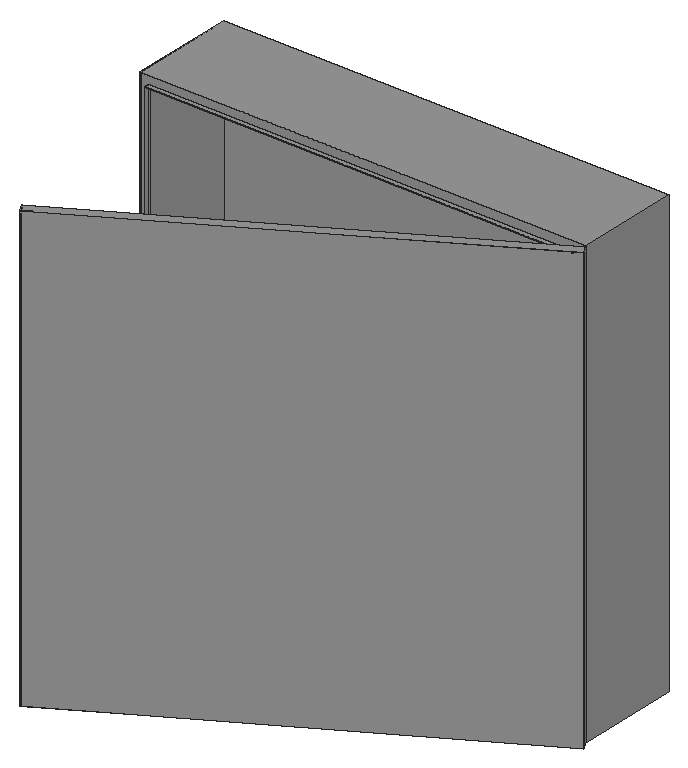
Revit family "Hager-Univers-IP44-D205-H800-Cl.I-Encl-NoHosted-CH-it", category Electrical Equipment, Revit 2020
Family settings
  Panel Configuration = Two Columns, Circuits Across
  Round Connector Dimension = Use Diameter
  Part Type = Panelboard
  Work Plane-Based = Yes
  Always vertical = Yes
  Cut with Voids When Loaded = No
  Shared = No
  Room Calculation Point = No
Parameters (values of type "A parete IP44 L800 A800 P205  - FP53TN2")
  Width Control [instance] = if([EF000008 - Larghezza] > Min Width, [EF000008 - Larghezza], Min Width)  # 800 mm
  Type Comments = [HG000003 - Gamma]  # "Univers"
  Thickness Door [instance] = if([EF009171 - spessore materiale porta/coperchio] > 3 mm, 3 mm, [EF009171 - spessore materiale porta/coperchio])  # 1 mm
  Seal Frame Offset [instance] = 17 mm  # constant formula
  Plinth Visibility [instance] = [HG000027 - Altezza dello zoccolo] > 0 mm  # no
  Min Width [instance] = 100 mm  # constant formula
  Min Depth [instance] = (2 * [EF009170 - spessore materiale scatola]) + 1 mm  # 3 mm
  Min Height [instance] = 100 mm  # constant formula
  Internal Frame Depth [instance] = (Door System Depth * 0.5)  # 9 mm
  Panel Name [instance] = ""  # (empty or 0)
  Model = ""
  HG000027 - Altezza dello zoccolo = 0 mm
  HG000026 - A pavimento = no
  HG000024 - Altezza della sezione inferiore = 600 mm
  HG000023 - Custodia a doppia sezione = no
  HG000016 - Visibilità delle porte nella vista 3D [instance] = yes
  HG000015 - Visibilità attraverso la porta [instance] = no
  HG000014 - Porta destra [instance] = yes
  HG000013 - Porta sinistra [instance] = not([HG000014 - Porta destra])  # no
  HG000012 - Angolo di apertura della porta [instance] = 30.00°
  HG000010 - Porte asimmetriche = no
  HG000009 - Porta doppia a battente = no
  HG000006 - Ad incasso = no
  HG000004 - Codice produttore = "FP53TN2"
  HG000003 - Gamma = "Univers"
  HG000002 - Con porta = yes
  Frame Offset Bottom [instance] = 10 mm  # constant formula
  Frame Offset [instance] = 15 mm  # constant formula
  EF015940 - Coprire con rilascio di sovrapressione = no
  EF011959 - tipo di protezione (NEMA) = ""
  EF009554 - numero delle aperture per la piastra della flangia = 6
  EF009212 - esecuzione coperchio = "EV000116 - chiuso"
  EF009171 - spessore materiale porta/coperchio = 1 mm
  EF009170 - spessore materiale scatola = 1 mm
  EF008873 - corrente nominale (In) = 250 A
  EF007800 - adatto per parafulmine = no
  EF006306 - con serratura = no
  EF006244 - coperchio/porta trasparente = no
  EF005474 - grado di protezione (IP) = "EV006418 - IP44"
  EF004464 - tipo di porta = "EV002646 - singolo"
  EF004427 - numero di moduli = 180
  EF004293 - resistenza agli urti = "EV006815 - IK09"
  EF003532 - adatto per uso esterno = no
  EF002950 - Numero moduli DIN = 36
  EF001613 - Integrità del circuito = "EV000494 - senza"
  EF001596 - Attacco Lampada = "EV000179 - acciaio"
  EF001131 - profondità interna = 205 mm
  EF001088 - possibilità di applicazione = yes
  EF000437 - numero di ingressi per conduttori = 6
  EF000339 - tipo di copertura = "EV001012 - coperchio"
  EF000266 - numero di file = 5
  EF000218 - profondità di incasso = 205 mm
  EF000118 - con piastra di montaggio = no
  EF000116 - numero RAL = "9010"
  EF000049 - profondità = 205 mm
  EF000040 - Altezza = 800 mm
  EF000008 - Larghezza = 800 mm
  EF000007 - colore = "EV000202 - bianco"
  EF000003 - Tipo di montaggio = "EV000384 - A parete"
  Door System Leaf Tolerance [instance] = 1.5 mm  # constant formula
  Door System Depth [instance] = 18 mm  # constant formula
  Door Height [instance] = Height Control - [HG000027 - Altezza dello zoccolo]  # 800 mm
  Description = ""
  Default Elevation = 1219.2 mm
  Connector Offset [instance] = Height Control / 2  # 400 mm
  Manufacturer = "Hager"  # constant formula
  Height Control [instance] = if([EF000040 - Altezza] > Min Height, [EF000040 - Altezza], Min Height)  # 800 mm
  Depth Control [instance] = if([EF000049 - profondità] > Min Depth, [EF000049 - profondità], Min Depth)  # 205 mm
  Bottom Top Plate Trim [instance] = 1.5 mm  # constant formula
  Plinth height Ctrl [instance] = if([HG000027 - Altezza dello zoccolo] > 0 mm, [HG000027 - Altezza dello zoccolo], 12 mm)  # 12 mm
Types (10, lengths in mm): name | Width Control | HG000010 - Porte asimmetriche | HG000009 - Porta doppia a battente | HG000004 - Codice produttore | EF009554 - numero delle aperture per la piastra della flangia | EF004464 - tipo di porta | EF004427 - numero di moduli | EF002950 - Numero moduli DIN | EF000437 - numero di ingressi per conduttori | EF000218 - profondità di incasso | EF000008 - Larghezza
  A parete IP44 L1050 A800 P205  - FP54QT | 1050 | no | no | "FP54QT" | 8 | "EV003602 - doppio" | 240 | 48 | 8 | 0 | 1050
  A parete IP44 L1050 A800 P205  - FP54TN2 | 1050 | no | yes | "FP54TN2" | 8 | "EV003602 - doppio" | 240 | 48 | 8 | 205 | 1050
  A parete IP44 L1300 A800 P205  - FP55QT | 1300 | no | no | "FP55QT" | 10 | "EV003602 - doppio" | 300 | 60 | 10 | 0 | 1300
  A parete IP44 L1300 A800 P205  - FP55TN2 | 1300 | yes | yes | "FP55TN2" | 10 | "EV003602 - doppio" | 300 | 60 | 10 | 205 | 1300
  A parete IP44 L300 A800 P205  - FP51QT | 300 | no | no | "FP51QT" | 2 | "EV002646 - singolo" | 60 | 12 | 2 | 0 | 300
  A parete IP44 L300 A800 P205  - FP51TN2 | 300 | no | no | "FP51TN2" | 2 | "EV002646 - singolo" | 60 | 12 | 2 | 205 | 300
  A parete IP44 L550 A800 P205  - FP52QT | 550 | no | no | "FP52QT" | 4 | "EV002646 - singolo" | 120 | 24 | 4 | 0 | 550
  A parete IP44 L550 A800 P205  - FP52TN2 | 550 | no | no | "FP52TN2" | 4 | "EV002646 - singolo" | 120 | 24 | 4 | 205 | 550
  A parete IP44 L800 A800 P205  - FP53QT | 800 | no | no | "FP53QT" | 6 | "EV002646 - singolo" | 180 | 36 | 6 | 0 | 800
  A parete IP44 L800 A800 P205  - FP53TN2 | 800 | no | no | "FP53TN2" | 6 | "EV002646 - singolo" | 180 | 36 | 6 | 205 | 800
Reference planes
  plane 1 "Center (Front/Back)": y = 0
  plane 2: z = 0
  plane 3 "Center (Left/Right)": x = 0
  plane 4: y = 0
  plane 5: y = 0
  plane 6: z = 0
  plane 7: x = -400
  plane 8: x = 400
  plane 9: x = 399
  plane 10: x = -399
  plane 11: z = 0
  plane 12: z = 1
  plane 13: y = -205
  plane 14: y = -1
  plane 15: x = 0
  plane 16: y = -187
  plane 17: y = -204
  plane 18: y = -186
  plane 19: x = -384
  plane 20: x = 384
  plane 21: z = 11
  plane 22: x = -383
  plane 23: x = 383
  plane 24: z = 0
  plane 25: z = 800
  plane 26: z = 800
  plane 27: z = 784
  plane 28: z = 799
Forms (mm)
  Extrusion 1, solid, material "Hager_Steel_RAL7035_Light_Grey", detail levels medium+fine
    sketch origin (-208.679, -4572, 0) x (-1, 0, 0) y (0, -1, 0)
      loop
        line (191.321, -4385) -> (-608.679, -4385) -> (-608.679, -4572) -> (191.321, -4572) -> (191.321, -4385)
    from 0 to 800
  Extrusion 2, void
    sketch origin (-350.771, -205, 1219.2) x (1, 0, 0) y (0, 0, 1)
      loop
        line (-48.229, -420.2) -> (-48.229, -1218.2) -> (749.771, -1218.2) -> (749.771, -420.2) -> (-48.229, -420.2)
    from -19 to -204
  Extrusion 3, void
    sketch origin (-290.084, -187, 1219.2) x (1, 0, 0) y (0, 0, 1)
      loop
        line (-93.916, -1208.2) -> (674.084, -1208.2) -> (674.084, -435.2) -> (-93.916, -435.2) -> (-93.916, -1208.2)
    from 0 to -1
  Extrusion 4, solid, material "Hager_Steel_RAL7035_Light_Grey", visible <- "Plinth Visibility", detail levels medium+fine
    sketch origin (0, 0, 0) x (1, 0, 0) y (0, 1, 0)
      loop
        line (-400, 0) -> (-400, -187) -> (400, -187) -> (400, 0) -> (-400, 0)
    from 0 to 12 <- "Plinth height Ctrl"
  Extrusion 5, solid, material "Hager_Steel_RAL7035_Light_Grey", detail levels coarse
    sketch origin (0, 0, 0) x (1, 0, 0) y (0, 1, 0)
      loop
        line (-400, 0) -> (-400, -205) -> (400, -205) -> (400, 0) -> (-400, 0)
    from 0 to 800 <- "Height Control"
  Sweep 6, void
    path in 3D
      loop
        line (-400, -187, 12) -> (400, -187, 12) -> (400, 0, 12) -> (-400, 0, 12) -> (-400, -187, 12)
    profile origin (-400, -93.5, 12) x (1, 0, 0) y (0, 0, 1)
      loop
        line (0, 0) -> (0, -1.5) -> (1.5, -1.5)
        arc (1.5, -1.5) -> (1.061, -0.439) -> (0, 0) r 1.5
  Extrusion 7, solid, material "Hager_Steel_RAL7035_Light_Grey", detail levels fine
    sketch origin (-400, -187, 0) x (1, 0, 0) y (0, 0, 1)
      loop
        line (16, 11) -> (784, 11) -> (784, 784) -> (16, 784) -> (16, 11)
      loop
        line (15, 10) -> (785, 10) -> (785, 785) -> (15, 785) -> (15, 10)
    from 0 to 9 <- "Internal Frame Depth"
Cuts and joins
  Extrusion 2, Extrusion 3 cuts Extrusion 1
  Sweep 6 cuts Extrusion 4
Lines and regions (mm)
  Masking region 1
    outline origin (0, 0, 0) x (1, 0, 0) y (0, 1, 0)
      loop
        line (-400, 0) -> (-400, -205) -> (400, -205) -> (400, 0) -> (-400, 0)
  Masking region 2, detail levels coarse
    outline origin (-290.084, -187, 1219.2) x (-1, 0, 0) y (0, 0, 1)
      loop
        line (-690.084, -1219.2) -> (109.916, -1219.2) -> (109.916, -419.2) -> (-690.084, -419.2) -> (-690.084, -1219.2)
  Masking region 3, detail levels coarse
    outline origin (0, 0, 0) x (0, 1, 0) y (0, 0, 1)
      loop
        line (0, 0) -> (0, 800) -> (-205, 800) -> (-205, 0) -> (0, 0)
  Masking region 4, visible <- "Plinth Visibility", detail levels medium+fine
    outline origin (0, 0, 0) x (0, 1, 0) y (0, 0, 1)
      loop
        line (-1.5, 12) -> (-185.5, 12)
        arc (-185.5, 12) -> (-185.939, 10.939) -> (-187, 10.5) r 1.5
        line (-187, 10.5) -> (-187, 0) -> (0, 0) -> (0, 10.5)
        arc (0, 10.5) -> (-1.061, 10.939) -> (-1.5, 12) r 1.5
  Masking region 5, detail levels medium+fine
    outline origin (0, 0, 594.038) x (0, 1, 0) y (0, 0, 1)
      loop
        line (0, -594.038) -> (0, 205.962) -> (-187, 205.962) -> (-187, -594.038) -> (0, -594.038)
  Masking region 6, detail levels medium+fine
    outline origin (-359.7, -187, 1211.883) x (-1, 0, 0) y (0, 0, 1)
      loop
        line (-759.7, -1211.883) -> (40.3, -1211.883) -> (40.3, -411.883) -> (-759.7, -411.883) -> (-759.7, -1211.883)
  Masking region 7, visible <- "Plinth Visibility", detail levels medium+fine
    outline origin (-320.334, -187, 1041.368) x (-1, 0, 0) y (0, 0, 1)
      loop
        line (-720.334, -1041.368) -> (79.666, -1041.368) -> (79.666, -1030.868)
        arc (79.666, -1030.868) -> (78.606, -1030.429) -> (78.166, -1029.368) r 1.5
        line (78.166, -1029.368) -> (-718.834, -1029.368)
        arc (-718.834, -1029.368) -> (-719.273, -1030.429) -> (-720.334, -1030.868) r 1.5
        line (-720.334, -1030.868) -> (-720.334, -1041.368)
  sketch lines
    curve 1: line (-400, 0, 12) -> (-400, -187, 12)
    curve 2: line (-400, -187, 12) -> (400, -187, 12)
    curve 3: line (400, 0, 12) -> (-400, 0, 12)
    curve 4: line (400, -187, 12) -> (400, 0, 12)
Dimensions and locks
  locked: plane 1 "Center (Front/Back)" to plane 5
  "EF009170 - spessore materiale scatola": plane 7 to plane 10
  "EF009170 - spessore materiale scatola": plane 8 to plane 9
  equal spacing: plane 7, plane 3 "Center (Left/Right)", plane 8
  "Width Control": plane 7 to plane 8
  "Depth Control": plane 4 to plane 13
  "EF009170 - spessore materiale scatola": plane 4 to plane 14
  "Height Control": plane 25 to level
  "HG000027 - Altezza dello zoccolo": plane 11 to level
  "EF009170 - spessore materiale scatola": plane 12 to plane 11
  "EF009170 - spessore materiale scatola": plane 17 to plane 13
  "EF009170 - spessore materiale scatola": plane 18 to plane 16
  "Frame Offset Bottom": plane 21 to plane 12
  "Frame Offset": plane 10 to plane 19
  "Frame Offset": plane 9 to plane 20
  "Door System Depth": plane 16 to plane 13
  "Seal Frame Offset": plane 7 to plane 22
  "Seal Frame Offset": plane 8 to plane 23
  "EF009170 - spessore materiale scatola": plane 26 to plane 28
  "Frame Offset": plane 28 to plane 27
  "Connector Offset": plane 2 to connector elem
  "Bottom Top Plate Trim": profile plane to Sweep 6 sketch curve
  "Bottom Top Plate Trim": Sweep 6 sketch curve to Sweep 6 sketch curve
  "Plinth height Ctrl": Masking region 4 sketch curve to level
  "Plinth height Ctrl": Masking region 7 sketch curve to level
  "Thickness Door": Extrusion 7 sketch curve to Extrusion 7 sketch curve  (x4)
  "Bottom Top Plate Trim": radius of Sweep 6 sketch curve
  "Bottom Top Plate Trim": radius of Masking region 4 sketch curve  (x2)
  "Bottom Top Plate Trim": radius of Masking region 7 sketch curve  (x2)
  aligned and locked: Extrusion 2 sketch curve to plane 12
  aligned and locked: Extrusion 2 sketch curve to plane 9
  aligned and locked: Extrusion 2 sketch curve to plane 10
  aligned and locked: Extrusion 2 to plane 14
  aligned and locked: Extrusion 1 sketch curve to plane 4
  aligned and locked: plane 8 to Extrusion 1 sketch curve
  aligned and locked: plane 7 to Extrusion 1 sketch curve
  aligned and locked: Extrusion 2 to plane 18
  aligned and locked: Extrusion 3 sketch curve to plane 19
  aligned and locked: plane 20 to Extrusion 3 sketch curve
  aligned and locked: Extrusion 3 to Extrusion 2
  aligned and locked: Extrusion 3 sketch curve to plane 21
  aligned and locked: plane 3 "Center (Left/Right)" to nested 1
  aligned and locked: Extrusion 1 sketch curve to plane 16
  aligned and locked: Extrusion 4 sketch curve to cut or joined group of Extrusion 1, Extrusion 2, Extrusion 3
  aligned and locked: Masking region 1 sketch curve to plane 7
  aligned and locked: Masking region 1 sketch curve to plane 5
  aligned and locked: Masking region 1 sketch curve to plane 8
  aligned and locked: Masking region 2 sketch curve to level
  aligned and locked: level to Masking region 3 sketch curve
  aligned and locked: plane 1 "Center (Front/Back)" to Masking region 3 sketch curve
  aligned and locked: plane 13 to Masking region 3 sketch curve
  aligned and locked: plane 5 to Masking region 4 sketch curve
  aligned and locked: Masking region 2 sketch curve to plane 8
  aligned and locked: Masking region 2 sketch curve to plane 7
  aligned and locked: plane 7 to nested 2
  aligned and locked: nested 2 to plane 5
  aligned and locked: plane 5 to Masking region 5 sketch curve
  aligned and locked: plane 26 to Masking region 5 sketch curve
  aligned and locked: Extrusion 5 sketch curve to plane 8
  aligned and locked: Extrusion 5 sketch curve to plane 7
  aligned and locked: Extrusion 5 sketch curve to plane 5
  aligned and locked: Extrusion 3 sketch curve to plane 27
  aligned and locked: Extrusion 2 sketch curve to plane 28
  aligned and locked: Masking region 2 to plane 25
  aligned and locked: Extrusion 4 to plane 16
  aligned and locked: profile plane to Sweep 6 sketch curve
  aligned and locked: Masking region 5 sketch curve to plane 24
  aligned and locked: level to Masking region 4 sketch curve
  aligned and locked: Masking region 1 to plane 13
  aligned and locked: nested 1 to plane 16
  aligned and locked: Masking region 3 to plane 25
  aligned and locked: plane 16 to Masking region 4 sketch curve
  aligned and locked: Masking region 5 sketch curve to plane 16
  aligned and locked: plane 24 to plane 11
  aligned and locked: plane 26 to plane 25
  aligned and locked: plane 26 to cut or joined group of Extrusion 1, Extrusion 2, Extrusion 3
  aligned and locked: nested 1 to plane 24
  aligned and locked: Extrusion 1 to Extrusion 3
  aligned and locked: Masking region 6 sketch curve to plane 8
  aligned and locked: Masking region 6 sketch curve to plane 24
  aligned and locked: Masking region 6 sketch curve to plane 7
  aligned and locked: Masking region 6 sketch curve to plane 26
  aligned and locked: Masking region 7 sketch curve to plane 7
  aligned and locked: level to Masking region 7 sketch curve
  aligned and locked: Masking region 7 sketch curve to plane 8
  aligned and locked: Extrusion 7 sketch curve to cut or joined group of Extrusion 1, Extrusion 2, Extrusion 3  (x4)
Automatic sketch dimensions
  plane 19 to Extrusion 3 sketch curve = 0 mm
  Extrusion 3 sketch curve to plane 20 = 0 mm
  Extrusion 3 sketch curve to plane 21 = 0 mm
  Extrusion 4 sketch curve to plane 7 = 0 mm
  Extrusion 4 sketch curve to plane 8 = 0 mm
  Extrusion 4 sketch curve to plane 16 = 0 mm
  Masking region 1 sketch curve to plane 13 = 0 mm
  Masking region 2 sketch curve to plane 25 = 0 mm
  Masking region 3 sketch curve to plane 25 = 0 mm
  Extrusion 5 sketch curve to plane 13 = 0 mm
  profile plane to Sweep 6 sketch curve = 0 mm
Nested families
  nested 1: "EC000058_Univers_Door" at (0, -187, 0), Double <- "HG000009 - Porta doppia a battente", Transparent <- "EF006244 - coperchio/porta trasparente", Angle <- "HG000012 - Angolo di apertura della porta", Door_Right <- "HG000014 - Porta destra", Assymetrical <- "HG000010 - Porte asimmetriche", Door <- "HG000002 - Con porta", Width_Ctrl <- "Width Control", 3d_Door <- "HG000016 - Visibilità delle porte nella vista 3D", Clearance <- "HG000015 - Visibilità attraverso la porta", Door_Left <- "HG000013 - Porta sinistra", Width <- "Width Control", Door_Depth <- "Door System Depth", Leaf_Tolerance <- "Door System Leaf Tolerance", Height <- "Door Height", Lock_Visibility <- "EF006306 - con serratura", Thickness <- "Thickness Door", type "EC000058_Univers_Door", detail levels medium+fine
    with min_wh 3 mm, Width_Ctrl 800 mm, Width 800 mm, Transparent no, Thickness 1 mm, Seal_Material Hager_Rubber, Lock_Visibility no, Lock_Material Hager_Plastic_RAL9005_Jet_Black, Leaf_Width 800 mm, Leaf_Tolerance_External_Sides 0 mm, Leaf_Tolerance 1.5 mm, Leaf_Offset 0 mm, Leaf_Height 797 mm, Leaf_2_Width 800 mm, Leaf_2_Offset 400 mm, Leaf_1_Width 800 mm, Leaf_1_Offset 400 mm, Height_Ctrl 800 mm, Height 800 mm, Glass_Material Hager_Glass, Double_Clearance_Ctrl no, Double no, Door_Right_Ctrl yes, Door_Right yes, Door_Material Hager_Steel_RAL7035_Light_Grey, Door_Left_Ctrl no, Door_Left no, Door_Depth 18 mm, Door yes, Clearance_Material Hager_Clearance, Clearance_Depth 800 mm, Clearance_Ctrl no, Clearance no, Assymetrical no, Angle 30.00°, 3d_Door yes
  nested 2: "Hager_Enclosure_Symbol" at (-400, 0, 0), Height <- "Depth Control", Width <- "Width Control", type "Hager_Enclosure_Symbol"
    with Width_Ctrl 800 mm, Width 800 mm, Height_Ctrl 205 mm, Height 205 mm, A_Width_Int 13.453 mm, A_Width 161.438 mm, A_Height_Ctrl 179.375 mm, A_Height 179.375 mm
Connectors
  electrical at (0, 0, 400)
    settings: on plane 1 "Center (Front/Back)", index 1, voltage 0 V, apparent load 0 VA, apparent load phase1 0 VA, apparent load phase2 0 VA, apparent load phase3 0 VA, power factor 1, load classification "Other", number of poles 1, system type 30, power factor state 1, is connector primary yes, connector utility no, sub classification motor no, connector description ""
Definition of nested family "EC000058_Univers_Door"
  Parameters (values of type "EC000058_Univers_Door")
    min_wh [instance] = (2 * Thickness) + 1 mm  # 11 mm
    Width_Ctrl [instance] = 400 mm
    Width [instance] = 500 mm
    Transparent [instance] = yes
    Thickness [instance] = 5 mm
    Seal_Material [instance] = none
    Lock_Visibility [instance] = yes
    Lock_Material [instance] = none
    Leaf_Width [instance] = if((Width_Ctrl - 2 * Leaf_Tolerance_External_Sides) > 0 mm, (Width_Ctrl - 2 * Leaf_Tolerance_External_Sides), min_wh)  # 400 mm
    Leaf_Tolerance_External_Sides [instance] = 0 mm  # constant formula
    Leaf_Tolerance [instance] = 1.5 mm
    Leaf_Offset [instance] = 0 mm  # constant formula
    Leaf_Height [instance] = if((Height_Ctrl - 2 * Leaf_Tolerance) > 0 mm, (Height_Ctrl - 2 * Leaf_Tolerance), min_wh)  # 497 mm
    Leaf_2_Width [instance] = if(and(and(Double, Assymetrical), Door_Left), (Leaf_Width / 3) - (Leaf_Tolerance / 2), if(and(and(Double, Assymetrical), Door_Right), (Leaf_Width / 3) * 2 - (Leaf_Tolerance / 2), if(and(Double, not(Assymetrical)), (Leaf_Width / 2) - Leaf_Tolerance, Leaf_Width)))  # 400 mm
    Leaf_2_Offset [instance] = if(and(Double, Assymetrical), Leaf_2_Width / 2, if(and(Double, not(Assymetrical)), Leaf_Width / 4, Leaf_Width / 2))  # 200 mm
    Leaf_1_Width [instance] = if(and(and(Double, Assymetrical), Door_Right), (Leaf_Width / 3) - (Leaf_Tolerance / 2), if(and(and(Double, Assymetrical), Door_Left), (Width / 3) * 2 - (Leaf_Tolerance / 2), if(and(Double, not(Assymetrical)), (Leaf_Width / 2) - Leaf_Tolerance, Leaf_Width)))  # 400 mm
    Leaf_1_Offset [instance] = if(and(Double, Assymetrical), Leaf_1_Width / 2, if(and(Double, not(Assymetrical)), Leaf_Width / 4, Leaf_Width / 2))  # 200 mm
    Height_Ctrl [instance] = if(Height > min_wh, Height, min_wh)  # 500 mm
    Height [instance] = 500 mm
    Glass_Material [instance] = none
    Double_Clearance_Ctrl [instance] = and(Double, Clearance)  # no
    Double [instance] = no
    Door_Right_Ctrl [instance] = and(or(Door_Right, Double), Door)  # yes
    Door_Right [instance] = yes
    Door_Material [instance] = none
    Door_Left_Ctrl [instance] = and(or(Door_Left, Double), Door)  # no
    Door_Left [instance] = no
    Door_Depth [instance] = 30 mm
    Door [instance] = yes
    Default Elevation = 1219.2 mm
    Clearance_Material [instance] = none
    Clearance_Depth [instance] = if(Leaf_1_Width > Leaf_2_Width, Leaf_1_Width, Leaf_2_Width)  # 400 mm
    Clearance_Ctrl [instance] = and(not(Double), Clearance)  # yes
    Clearance [instance] = yes
    Assymetrical [instance] = yes
    Angle [instance] = 30.00°
    3d_Door [instance] = yes
  Reference planes
    plane 1 "Center (Front/Back)": y = 0
    plane 2 "Bottom": z = 0
    plane 3 "Center (Left/Right)": x = 0
    plane 4: z = 500
    plane 5: x = -200
    plane 6: x = 200
    plane 7: z = 500
    plane 8: x = -200
    plane 9: z = 0
    plane 10: x = 200
    plane 11: y = 0
    plane 12: z = 1.5
    plane 13: x = -600
    plane 14: y = -400
    plane 15: x = 600
    plane 16: x = 0
    plane 17: x = 0
    plane 18: x = -200
    plane 19: x = 200
    plane 20: z = 498.5
  Forms (mm)
    Extrusion 1, solid, material <- "Clearance_Material", visible <- "Double_Clearance_Ctrl"
      sketch origin (1200, 0, 0) x (1, 0, 0) y (0, 0, -1)
        loop
          line (-1800, -498.5) -> (-600, -498.5) -> (-600, 0) -> (-1800, 0) -> (-1800, -498.5)
      from 0 to -400
  Dimensions and locks
    equal spacing: plane 5, plane 3 "Center (Left/Right)", plane 6
    "Width_Ctrl": plane 5 to plane 6
    "Leaf_Offset": plane 5 to plane 8
    "Leaf_Offset": plane 6 to plane 10
    "Leaf_Offset": plane 9 to level
    "Leaf_Offset": plane 4 to plane 7
    "Height_Ctrl": plane 4 to level
    "Leaf_Tolerance": plane 12 to plane 9
    locked: plane 11 to plane 1 "Center (Front/Back)"
    "Leaf_1_Offset": plane 18 to plane 16
    "Leaf_2_Offset": plane 17 to plane 19
    "Leaf_1_Width": plane 13 to plane 8
    "Leaf_2_Width": plane 10 to plane 15
    "Clearance_Depth": plane 14 to plane 1 "Center (Front/Back)"
    "Leaf_Tolerance_External_Sides": plane 8 to plane 18
    "Leaf_Tolerance_External_Sides": plane 19 to plane 10
    "Leaf_Tolerance": plane 7 to plane 20
    aligned and locked: level to plane 2 "Bottom"
    aligned and locked: nested 1 to plane 16
    aligned and locked: nested 2 to plane 17
    aligned and locked: Extrusion 1 to plane 13
    aligned and locked: plane 15 to Extrusion 1
    aligned and locked: Extrusion 1 to plane 14
    aligned and locked: plane 12 to nested 1
    aligned and locked: nested 2 to plane 12
    aligned and locked: Extrusion 1 to plane 11
    aligned and locked: plane 20 to Extrusion 1
    aligned and locked: nested 2 to plane 11
    aligned and locked: nested 1 to plane 11
  Automatic sketch dimensions
    Extrusion 1 sketch curve to level = 0 mm
    plane 5 to Extrusion 1 sketch curve = 400 mm
    plane 6 to Extrusion 1 sketch curve = 400 mm
    Extrusion 1 sketch curve to plane 4 = 1.5 mm
  Nested families
    nested 1: "EC000058_Univers_Door_Leaf" at (0, 0, 1.5), Width <- "Leaf_1_Width", visible <- "Door_Left_Ctrl", Leaf_Height <- "Leaf_Height", Angle <- "Angle", 3d_Door <- "3d_Door", Transparent <- "Transparent", Clearance Material <- "Clearance_Material", Clearance <- "Clearance_Ctrl", Door_Material <- "Door_Material", Glass_Material <- "Glass_Material", Door_Depth <- "Door_Depth", Lock_Material <- "Lock_Material", Seal_Material <- "Seal_Material", Lock_Visibility <- "Lock_Visibility", Thickness <- "Thickness", type "EC000058_Univers_Door_Leaf"
      with Width 400 mm, Transparent_Glass_Offset 30 mm, Transparent_Ctrl yes, Transparent yes, Thickness 5 mm, Standard no, Seal_Material none, Seal_D2 8 mm, Seal_D1 1 mm, Offset_Internal_Frame 10 mm, Lock_Width 20 mm, Lock_Visibility_3d yes, Lock_Visibility yes, Lock_Thickness_3 3 mm, Lock_Thickness_2 1 mm, Lock_Thickness_1 3 mm, Lock_Radius_Offset_2 16 mm, Lock_Radius_Offset_1 15 mm, Lock_Radius_2 5 mm, Lock_Radius 6 mm, Lock_Offset 5 mm, Lock_Material none, Lock_Height 80 mm, Lock_Cover_Top_Offset_2d 17 mm, Lock_Cover_Height -65 mm, Leaf_Height 497 mm, Internal_Seal_Thickness 8 mm, Internal_Seal_Depth_2 4.5 mm, Internal_Frame_Depth 25 mm, Glass_Thickness -1 mm, Glass_Offset -2 mm, Glass_Material none, Door_Material none, Door_Depth 30 mm, Clearance Material none, Clearance yes, Angle_Ctrl 30.00°, Angle 30.00°, 3d_Door yes
    nested 2: "EC000058_Univers_Door_Leaf" at (0, 0, 1.5) x (-1, 0, 0) z (0, 0, 1), Width <- "Leaf_2_Width", visible <- "Door_Right_Ctrl", Leaf_Height <- "Leaf_Height", Angle <- "Angle", 3d_Door <- "3d_Door", Transparent <- "Transparent", Clearance Material <- "Clearance_Material", Clearance <- "Clearance_Ctrl", Door_Material <- "Door_Material", Glass_Material <- "Glass_Material", Door_Depth <- "Door_Depth", Lock_Material <- "Lock_Material", Seal_Material <- "Seal_Material", Lock_Visibility <- "Lock_Visibility", Thickness <- "Thickness", type "EC000058_Univers_Door_Leaf"
      with Width 400 mm, Transparent_Glass_Offset 30 mm, Transparent_Ctrl yes, Transparent yes, Thickness 5 mm, Standard no, Seal_Material none, Seal_D2 8 mm, Seal_D1 1 mm, Offset_Internal_Frame 10 mm, Lock_Width 20 mm, Lock_Visibility_3d yes, Lock_Visibility yes, Lock_Thickness_3 3 mm, Lock_Thickness_2 1 mm, Lock_Thickness_1 3 mm, Lock_Radius_Offset_2 16 mm, Lock_Radius_Offset_1 15 mm, Lock_Radius_2 5 mm, Lock_Radius 6 mm, Lock_Offset 5 mm, Lock_Material none, Lock_Height 80 mm, Lock_Cover_Top_Offset_2d 17 mm, Lock_Cover_Height -65 mm, Leaf_Height 497 mm, Internal_Seal_Thickness 8 mm, Internal_Seal_Depth_2 4.5 mm, Internal_Frame_Depth 25 mm, Glass_Thickness -1 mm, Glass_Offset -2 mm, Glass_Material none, Door_Material none, Door_Depth 30 mm, Clearance Material none, Clearance yes, Angle_Ctrl 30.00°, Angle 30.00°, 3d_Door yes
  Definition of nested family "EC000058_Univers_Door_Leaf"
    Parameters (values of type "EC000058_Univers_Door_Leaf")
      Width [instance] = 2000 mm
      Transparent_Glass_Offset [instance] = 30 mm
      Transparent_Ctrl [instance] = and(Transparent, [3d_Door])  # yes
      Transparent [instance] = yes
      Thickness [instance] = 5 mm
      Standard [instance] = and(not(Transparent), [3d_Door])  # no
      Seal_Material [instance] = none
      Seal_D2 [instance] = 8 mm  # constant formula
      Seal_D1 [instance] = 1 mm  # constant formula
      Offset_Internal_Frame [instance] = 10 mm  # constant formula
      Lock_Width [instance] = 20 mm  # constant formula
      Lock_Visibility_3d [instance] = and(Lock_Visibility, [3d_Door])  # yes
      Lock_Visibility [instance] = yes
      Lock_Thickness_3 [instance] = 3 mm  # constant formula
      Lock_Thickness_2 [instance] = 1 mm  # constant formula
      Lock_Thickness_1 [instance] = 3 mm  # constant formula
      Lock_Radius_Offset_2 [instance] = Lock_Radius_Offset_1 + 1 mm  # 16 mm
      Lock_Radius_Offset_1 [instance] = 15 mm  # constant formula
      Lock_Radius_2 [instance] = Lock_Radius - 1 mm  # 5 mm
      Lock_Radius [instance] = 6 mm  # constant formula
      Lock_Offset [instance] = 5 mm  # constant formula
      Lock_Material [instance] = none
      Lock_Height [instance] = 80 mm  # constant formula
      Lock_Cover_Top_Offset_2d [instance] = Lock_Radius_Offset_2 + 1 mm  # 17 mm
      Lock_Cover_Height [instance] = -(Lock_Height - Lock_Radius_Offset_1)  # -65 mm
      Leaf_Height [instance] = 2720.336 mm
      Internal_Seal_Thickness [instance] = 8 mm  # constant formula
      Internal_Seal_Depth_2 [instance] = 4.5 mm  # constant formula
      Internal_Frame_Depth [instance] = if(Door_Depth - Thickness > 5 mm, Door_Depth - Thickness, 5 mm)  # 25 mm
      Glass_Thickness [instance] = if(Thickness > 15 mm, Glass_Offset + 10 mm, -1 mm)  # -1 mm
      Glass_Offset [instance] = if(Thickness > 15 mm, -(Thickness + 10 mm) / 2, -2 mm)  # -2 mm
      Glass_Material [instance] = none
      Door_Material [instance] = none
      Door_Depth [instance] = 30 mm
      Default Elevation = 0 mm
      Clearance Material [instance] = none
      Clearance [instance] = yes
      Angle_Ctrl [instance] = if(Angle > 180.00°, 180.00°, Angle)  # 90.00°
      Angle [instance] = 90.00°
      3d_Door [instance] = yes
    Reference planes
      plane 1 "Center (Front/Back)": y = 0
      plane 2: z = 0
      plane 3 "Center (Left/Right)": x = 0
      plane 4: y = 2000
      plane 5: x = -1000
      plane 6: x = 1000
      plane 7: x = -3000
      plane 8: z = 2720.336
      plane 9: z = 30
      plane 10: z = 2690.336
      plane 11: x = 970
      plane 12: x = -970
      plane 13: y = -3
      plane 14: z = 107.833
      plane 15: y = -5
      plane 16: y = -223.314
      plane 17: x = -1000
      plane 18: z = 1360.168
      plane 19: y = 30
    Forms (mm)
      Extrusion 1, solid, material <- "Clearance Material", visible <- "Clearance"
        sketch origin (0, 0, 0) x (1, 0, 0) y (0, 0, 1)
          loop
            line (-3000, 2720.336) -> (-3000, 0) -> (1000, 0) -> (1000, 2720.336) -> (-3000, 2720.336)
        from 0 to -2000
      Extrusion 2, solid, material <- "Door_Material", visible <- "Standard", detail levels medium+fine
        sketch origin (-1000, 0, 0) x (0, 1, 0) y (-1, 0, 0)
          loop
            line (0, 30) -> (0, 25) -> (2000, 25) -> (2000, 30) -> (0, 30)
        from 0 to 2720.336 <- "Leaf_Height"
      Extrusion 3, solid, material <- "Door_Material", visible <- "Transparent_Ctrl", detail levels medium+fine
        sketch origin (-1000, 0, 0) x (0, 1, 0) y (-1, 0, 0)
          loop
            line (0, 25) -> (2000, 25) -> (2000, 30) -> (0, 30) -> (0, 25)
        from 0 to 2720.336 <- "Leaf_Height"
      Extrusion 4, void
        sketch origin (-1025, 2000, 0) x (0, 1, 0) y (0, 0, -1)
          loop
            line (-30, -2690.336) -> (-30, -30) -> (-1970, -30) -> (-1970, -2690.336) -> (-30, -2690.336)
        from 0 to 5 <- "Thickness"
      Sweep 5, solid, material <- "Seal_Material", visible <- "Transparent_Ctrl", detail levels fine
        path in 3D
          loop
            line (-1025, 30, 30) -> (-1025, 30, 2690.336) -> (-1025, 1970, 2690.336) -> (-1025, 1970, 30) -> (-1025, 30, 30)
        profile origin (-1025, 1000, 30) x (1, 0, 0) y (0, 0, 1)
          loop
            line (0, 0) -> (0, -8) -> (1, -8) -> (1, 0) -> (0, 0)
      Extrusion 6, solid, material <- "Glass_Material", visible <- "Transparent_Ctrl", detail levels medium+fine
        sketch origin (-1030, 0, 0) x (0, 1, 0) y (0, 0, -1)
          loop
            line (1970, -2690.336) -> (1970, -30) -> (30, -30) -> (30, -2690.336) -> (1970, -2690.336)
        from -2 <- "Glass_Offset" to -1 <- "Glass_Thickness"
      Extrusion 7, solid, material <- "Door_Material", visible <- "3d_Door", detail levels medium+fine
        sketch origin (-1025, 2000, 0) x (0, -1, 0) y (0, 0, -1)
          loop
            line (0, -2720.336) -> (2000, -2720.336) -> (2000, 0) -> (0, 0) -> (0, -2720.336)
          loop
            line (1995, -5) -> (5, -5) -> (5, -2715.336) -> (1995, -2715.336) -> (1995, -5)
        from 0 to 25 <- "Internal_Frame_Depth"
      Sweep 8, solid, material <- "Seal_Material", visible <- "Transparent_Ctrl", detail levels fine
        path in 3D
          loop
            line (-1025, 0, 0) -> (-1025, 2000, 0) -> (-1025, 2000, 2720.336) -> (-1025, 0, 2720.336) -> (-1025, 0, 0)
        profile origin (-1025, 0, 1360.168) x (1, 0, 0) y (0, 1, 0)
          loop
            line (0, 10) -> (2.975, 10)
            arc (2.975, 10) -> (4.053, 10.447) -> (4.5, 11.525) r 1.525
            line (4.5, 11.525) -> (4.5, 16.527)
            arc (4.5, 16.527) -> (4.069, 17.569) -> (3.027, 18) r 1.473
            line (3.027, 18) -> (0, 18) -> (0, 10)
      Extrusion 9, solid, material <- "Lock_Material", visible <- "Lock_Visibility_3d", detail levels fine
        sketch origin (-1030, 0, 0) x (0, 1, 0) y (0, 0, -1)
          loop
            arc (1993.5, -1400.168) -> (1994.561, -1399.729) -> (1995, -1398.668) r 1.5
            line (1995, -1398.668) -> (1995, -1320.168) -> (1975, -1320.168) -> (1975, -1398.668)
            arc (1975, -1398.668) -> (1975.439, -1399.729) -> (1976.5, -1400.168) r 1.5
            line (1976.5, -1400.168) -> (1993.5, -1400.168)
        from 3 <- "Lock_Thickness_1" to 0
      Blend 10, solid, material <- "Lock_Material", visible <- "Lock_Visibility_3d", detail levels fine
        base sketch origin (-1033, 0, 0) x (0, 1, 0) y (0, 0, -1)
          loop
            line (1975, -1320.168) -> (1975, -1398.668)
            arc (1975, -1398.668) -> (1975.439, -1399.729) -> (1976.5, -1400.168) r 1.5
            line (1976.5, -1400.168) -> (1993.5, -1400.168)
            arc (1993.5, -1400.168) -> (1994.561, -1399.729) -> (1995, -1398.668) r 1.5
            line (1995, -1398.668) -> (1995, -1320.168) -> (1975, -1320.168)
        top sketch origin (-1033, 0, 0) x (0, 1, 0) y (0, 0, -1)
          loop
            line (1976, -1320.168) -> (1976, -1398.668)
            arc (1976, -1398.668) -> (1976.146, -1399.022) -> (1976.5, -1399.168) r 0.5
            line (1976.5, -1399.168) -> (1993.5, -1399.168)
            arc (1993.5, -1399.168) -> (1993.854, -1399.022) -> (1994, -1398.668) r 0.5
            line (1994, -1398.668) -> (1994, -1320.168) -> (1976, -1320.168)
        from 0 to 1 <- "Lock_Thickness_2"
      Blend 11, solid, material <- "Lock_Material", visible <- "Lock_Visibility_3d", detail levels fine
        base sketch origin (-1034, 0, 0) x (0, 1, 0) y (0, 0, -1)
          loop
            line (1978, -1320.168) -> (1978, -1384.168)
            arc (1978, -1384.168) -> (1985, -1391.168) -> (1992, -1384.168) r 7
            line (1992, -1384.168) -> (1992, -1320.168) -> (1978, -1320.168)
        top sketch origin (-1034, 0, 0) x (0, 1, 0) y (0, 0, -1)
          loop
            line (1991, -1320.168) -> (1979, -1320.168) -> (1979, -1383.168)
            arc (1979, -1383.168) -> (1985, -1389.168) -> (1991, -1383.168) r 6
            line (1991, -1383.168) -> (1991, -1320.168)
        from 0 to 3 <- "Lock_Thickness_3"
      Extrusion 12, solid, material <- "Lock_Material", visible <- "Lock_Visibility_3d", detail levels fine
        sketch origin (-1030, 1975, 1320.168) x (1, 0, 0) y (0, -1, 0)
          loop
            line (-7, -19) -> (-7, -1) -> (0, -1) -> (0, 0) -> (-8, 0) -> (-8, -20) -> (0, -20) -> (0, -19) -> (-7, -19)
        from 0 to -65 <- "Lock_Cover_Height"
      Extrusion 13, void
        sketch origin (-1038, 1995, 1320.168) x (-1, 0, 0) y (0, 0, -1)
          loop
            line (-5, -65) -> (0, -65) -> (-5, -60) -> (-5, -65)
        from 0 to 20 <- "Lock_Width"
      Extrusion 14, void
        sketch origin (-1038, 1975, 1320.168) x (0, -1, 0) y (0, 0, -1)
          loop
            circle (-10, -15.995) r 6
          loop
            circle (-10, -15.995) r 5
        from 0 to 2
      Extrusion 15, solid, material <- "Lock_Material", visible <- "Lock_Visibility_3d", detail levels medium
        sketch origin (-1030, 0, 0) x (0, 1, 0) y (0, 0, -1)
          loop
            arc (1993.5, -1400.168) -> (1994.561, -1399.729) -> (1995, -1398.668) r 1.5
            line (1995, -1398.668) -> (1995, -1320.168) -> (1975, -1320.168) -> (1975, -1398.668)
            arc (1975, -1398.668) -> (1975.439, -1399.729) -> (1976.5, -1400.168) r 1.5
            line (1976.5, -1400.168) -> (1993.5, -1400.168)
        from 8 to 0
    Cuts and joins
      Extrusion 4 cuts Extrusion 3
      Extrusion 13, Extrusion 14 cuts Extrusion 9
      Extrusion 14 cuts Blend 11
      Extrusion 13, Extrusion 14 cuts Extrusion 12
      joined: Extrusion 9, Blend 10, Blend 11, Extrusion 12
      Extrusion 14 cuts Extrusion 15
    Lines and regions (mm)
      Masking region 1, visible <- "Lock_Visibility", detail levels fine
        outline origin (0, 0, 0) x (0, 1, 0) y (0, 0, 1)
          loop
            line (30, 1320.168) -> (33, 1320.168) -> (33, 1400.168) -> (30, 1400.168) -> (30, 1320.168)
      Masking region 2, visible <- "Lock_Visibility", detail levels fine
        outline origin (0, 3.143, 0) x (0, 1, 0) y (0, 0, 1)
          loop
            line (29.857, 1354.168) -> (30.857, 1354.168) -> (30.857, 1366.168) -> (29.857, 1366.168) -> (29.857, 1354.168)
      Masking region 3, detail levels medium+fine
        outline origin (0, 0, 0) x (0, 1, 0) y (0, 0, 1)
          loop
            line (0, 0) -> (30, 0) -> (30, 2720.336) -> (0, 2720.336) -> (0, 0)
      Masking region 4, detail levels medium+fine
        outline origin (0, 0, 0) x (1, 0, 0) y (0, 0, 1)
          loop
            line (-1000, 2720.336) -> (-1000, 0) -> (1000, 0) -> (1000, 2720.336) -> (-1000, 2720.336)
      Masking region 5, visible <- "Lock_Visibility", detail levels fine
        outline origin (-47.116, 0, 0) x (1, 0, 0) y (0, 0, 1)
          loop
            arc (1024.616, 1399.168) -> (1023.556, 1398.729) -> (1023.116, 1397.668) r 1.5
            line (1023.116, 1397.668) -> (1023.116, 1320.168) -> (1041.116, 1320.168) -> (1041.116, 1397.668)
            arc (1041.116, 1397.668) -> (1040.677, 1398.729) -> (1039.616, 1399.168) r 1.5
            line (1039.616, 1399.168) -> (1024.616, 1399.168)
      Masking region 6, visible <- "Lock_Visibility", detail levels medium+fine
        outline origin (-25, 0, 0) x (1, 0, 0) y (0, 0, 1)
          loop
            arc (1001.5, 1400.168) -> (1000.439, 1399.729) -> (1000, 1398.668) r 1.5
            line (1000, 1398.668) -> (1000, 1320.168) -> (1020, 1320.168) -> (1020, 1398.668)
            arc (1020, 1398.668) -> (1019.561, 1399.729) -> (1018.5, 1400.168) r 1.5
            line (1018.5, 1400.168) -> (1001.5, 1400.168)
      Masking region 7, visible <- "Lock_Visibility", detail levels fine
        outline origin (-73.735, 0, 0) x (1, 0, 0) y (0, 0, 1)
          loop
            line (1051.735, 1382.168) -> (1065.735, 1382.168) -> (1065.735, 1384.168)
            arc (1065.735, 1384.168) -> (1058.735, 1391.168) -> (1051.735, 1384.168) r 7
            line (1051.735, 1384.168) -> (1051.735, 1382.168)
      Masking region 8, visible <- "Lock_Visibility", detail levels fine
        outline origin (-73.735, 0, 0) x (1, 0, 0) y (0, 0, 1)
          loop
            line (1052.735, 1382.168) -> (1064.735, 1382.168) -> (1064.735, 1383.168)
            arc (1064.735, 1383.168) -> (1058.735, 1389.168) -> (1052.735, 1383.168) r 6
            line (1052.735, 1383.168) -> (1052.735, 1382.168)
      Masking region 9, visible <- "Lock_Visibility", detail levels fine
        outline origin (-25, 0, 0) x (1, 0, 0) y (0, 0, 1)
          loop
            line (1020, 1320.168) -> (1020, 1382.168) -> (1000, 1382.168) -> (1000, 1320.168) -> (1020, 1320.168)
      Masking region 10, detail levels medium+fine
        outline origin (0, 0, 0) x (1, 0, 0) y (0, 0, 1)
          loop
            circle (985, 1335.144) r 6
      Masking region 11, detail levels fine
        outline origin (0, 0, 0) x (1, 0, 0) y (0, 0, 1)
          loop
            circle (985, 1335.144) r 5
      Masking region 12, visible <- "Lock_Visibility", detail levels fine
        outline origin (0, 12.767, 0) x (0, 1, 0) y (0, 0, 1)
          loop
            line (20.233, 1320.168) -> (21.233, 1320.168) -> (21.233, 1399.168) -> (20.233, 1400.168) -> (20.233, 1320.168)
      Masking region 13, visible <- "Lock_Visibility", detail levels fine
        outline origin (0, 13.767, -10) x (0, 1, 0) y (0, 0, 1)
          loop
            line (20.233, 1330.168) -> (23.233, 1330.168) -> (23.233, 1399.168) -> (20.233, 1402.168) -> (20.233, 1330.168)
      Masking region 14, visible <- "Lock_Visibility", detail levels fine
        outline origin (0, 12.767, -10) x (0, 1, 0) y (0, 0, 1)
          loop
            line (20.233, 1330.168) -> (25.233, 1330.168) -> (25.233, 1399.305) -> (20.233, 1394.305) -> (20.233, 1330.168)
      Masking region 15, visible <- "Lock_Visibility", detail levels medium
        outline origin (0, 0, 0) x (0, 1, 0) y (0, 0, 1)
          loop
            line (30, 1320.168) -> (38, 1320.168) -> (38, 1400.168) -> (30, 1400.168) -> (30, 1320.168)
      Masking region 16, visible <- "Lock_Visibility", detail levels fine
        outline origin (-1000, 0, 0) x (0, 1, 0) y (-1, 0, 0)
          loop
            line (1975, 30) -> (1995, 30) -> (1995, 38) -> (1975, 38) -> (1975, 30)
          loop
            line (1979, 37) -> (1976, 37) -> (1976, 34) -> (1978, 34) -> (1979, 37)
          loop
            line (1994, 37) -> (1991, 37) -> (1992, 34) -> (1994, 34) -> (1994, 37)
      Masking region 17, visible <- "Lock_Visibility", detail levels medium
        outline origin (-1000, 0, 0) x (0, 1, 0) y (-1, 0, 0)
          loop
            line (1975, 30) -> (1995, 30) -> (1995, 38) -> (1975, 38) -> (1975, 30)
      symbolic lines
        curve 1: line (1000, 0, 0) -> (-3000, 0, 0)
        curve 2: arc (1000, 0, 0) -> (-1000, 2000, 0) -> (-3000, 0, 0) r 2000
        curve 4: line (-1030, 0, 0) -> (-1030, 2000, 0)
      reference lines
        curve 3: line (-1000, 0, 0) -> (-1000, 2000, 0)
      symbolic lines, detail levels medium+fine
        curve 5: line (-1030, 2000, 0) -> (-1025, 2000, 0)
        curve 7: line (-1025, 0, 0) -> (-1030, 0, 0)
        curve 8: line (-1025, 0, 0) -> (-1000, 0, 0)
        curve 9: line (-1000, 0, 0) -> (-1000, 2000, 0)
        curve 10: line (-1000, 2000, 0) -> (-1025, 2000, 0)
      symbolic lines, detail levels fine
        curve 6: line (-1025, 2000, 0) -> (-1025, 0, 0)
      sketch lines
        curve 11: line (-1025, 0, 2720.336) -> (-1025, 0, 0)
        curve 12: line (-1025, 2000, 0) -> (-1025, 0, 0)
        curve 13: line (-1025, 2000, 2720.336) -> (-1025, 2000, 0)
        curve 14: line (-1025, 0, 2720.336) -> (-1025, 2000, 2720.336)
        curve 15: line (-1025, 1970, 30) -> (-1025, 30, 30)
        curve 16: line (-1025, 30, 30) -> (-1025, 30, 2690.336)
        curve 17: line (-1025, 1970, 2690.336) -> (-1025, 1970, 30)
        curve 18: line (-1025, 30, 2690.336) -> (-1025, 1970, 2690.336)
      symbolic lines, visible <- "Transparent", detail levels medium+fine
        curve 19: line (-970, 0, 2690.336) -> (970, 0, 2690.336)
        curve 20: line (-970, 0, 30) -> (-970, 0, 2690.336)
        curve 21: line (970, 0, 30) -> (-970, 0, 30)
        curve 22: line (970, 0, 2690.336) -> (970, 0, 30)
    Dimensions and locks
      "Width": plane 1 "Center (Front/Back)" to plane 4
      equal spacing: plane 5, plane 3 "Center (Left/Right)", plane 6
      "Width": plane 5 to plane 6
      "Width": plane 7 to plane 5
      "Leaf_Height": plane 8 to level
      "Width": curve 5 to curve 3
      "Width": curve 3 to curve 3
      plane 8 to plane 10 = 30 mm
      plane 9 to level = 30 mm
      plane 12 to plane 5 = 30 mm
      plane 6 to plane 11 = 30 mm
      Extrusion 1 to Extrusion 4 sketch curve = 30 mm
      "Transparent_Glass_Offset": curve 3 to Extrusion 4 sketch curve
      "Transparent_Glass_Offset": Extrusion 4 sketch curve to cut or joined group of Extrusion 3, Extrusion 4  (x2)
      cut or joined group of Extrusion 3, Extrusion 4 to Extrusion 6 sketch curve = 30 mm
      "Transparent_Glass_Offset": cut or joined group of Extrusion 3, Extrusion 4 to Extrusion 4 sketch curve
      "Thickness": curve 6 to curve 4
      "Thickness": Extrusion 7 sketch curve to Extrusion 7 sketch curve  (x4)
      "Door_Depth": curve 4 to curve 3
      "Offset_Internal_Frame": profile plane to Sweep 8 sketch curve
      "Internal_Seal_Thickness": Sweep 8 sketch curve to Sweep 8 sketch curve
      "Internal_Seal_Depth_2": profile plane to Sweep 8 sketch curve
      "Seal_D1": profile plane to Sweep 5 sketch curve
      "Seal_D2": profile plane to Sweep 5 sketch curve
      "Thickness": Extrusion 2 sketch curve to Extrusion 2 sketch curve
      equal spacing: Extrusion 9 sketch curve, plane 18, Extrusion 9 sketch curve  (x2)
      equal spacing: Masking region 1 sketch curve, plane 18, Masking region 1 sketch curve
      "Lock_Height": Masking region 1 sketch curve to Masking region 1 sketch curve
      "Lock_Radius": Masking region 2 sketch curve to plane 18 to Masking region 2 sketch curve
      Masking region 2 sketch curve to Masking region 1 = 1 mm
      "Door_Depth": plane 19 to plane 1 "Center (Front/Back)"
      "Lock_Thickness_1": Masking region 1 sketch curve to plane 19
      "Lock_Width": Extrusion 9 sketch curve to Extrusion 9 sketch curve
      "Lock_Height": Extrusion 9 sketch curve to Extrusion 9 sketch curve
      "Lock_Offset": cut or joined group of Extrusion 3, Extrusion 4 to Extrusion 9 sketch curve
      equal spacing: plane 8, plane 18, level
      "Lock_Radius_Offset_1": Blend 11 sketch curve to Blend 10
      locked: Blend 10 to Blend 11 sketch curve at 2  (x2)
      locked: var sketch to Blend 11 sketch curve at 1  (x2)
      "Lock_Radius_Offset_2": Blend 11 sketch curve to Blend 10
      locked: Extrusion 12 sketch curve to Extrusion 12 sketch curve at 1  (x3)
      Masking region 6 sketch curve to Masking region 6 sketch curve = 80 mm
      "Lock_Height": Masking region 6 sketch curve to Masking region 6 sketch curve
      "Lock_Width": Masking region 6 sketch curve to Masking region 6 sketch curve
      locked: Masking region 6 to Masking region 5 sketch curve at 1  (x3)
      locked: Masking region 5 to Masking region 7 sketch curve at 2  (x2)
      "Lock_Radius_Offset_1": Masking region 5 to Masking region 7 sketch curve
      "Lock_Radius_Offset_2": Masking region 5 to Masking region 8 sketch curve
      locked: Masking region 7 to Masking region 8 sketch curve at 1  (x2)
      "Lock_Cover_Top_Offset_2d": Masking region 5 to Masking region 9 sketch curve
      equal spacing: Masking region 9, Masking region 10 sketch curve, Masking region 9
      equal spacing: Masking region 9, Masking region 11 sketch curve, Masking region 9
      Extrusion 15 sketch curve to Extrusion 15 sketch curve = 80 mm
      "Lock_Width": Extrusion 15 sketch curve to Extrusion 15 sketch curve
      "Lock_Height": Extrusion 15 sketch curve to Extrusion 15 sketch curve
      equal spacing: Extrusion 15 sketch curve, plane 18, Extrusion 15 sketch curve
      "Lock_Thickness_3": Masking region 13 sketch curve to Masking region 13 sketch curve
      "Lock_Height": Masking region 12 sketch curve to Masking region 12 sketch curve
      locked: Masking region 13 sketch curve to Masking region 1 at 8
      locked: Masking region 14 sketch curve to Masking region 13 at 1
      locked: Masking region 14 sketch curve to Masking region 1 at 10.863
      "Lock_Height": Masking region 15 sketch curve to Masking region 15 sketch curve
      "Lock_Offset": Extrusion 15 sketch curve to cut or joined group of Extrusion 3, Extrusion 4
      "Lock_Offset": plane 6 to Masking region 6 sketch curve
      radius of Sweep 8 sketch curve = 1.525 mm
      radius of Sweep 8 sketch curve = 1.473 mm
      radius of Extrusion 9 sketch curve = 1.5 mm  (x2)
      "Lock_Radius": radius of Extrusion 14 sketch curve
      "Lock_Radius_2": radius of Extrusion 14 sketch curve
      "Lock_Radius": radius of Masking region 10 sketch curve
      "Lock_Radius_2": radius of Masking region 11 sketch curve
      radius of Extrusion 15 sketch curve = 1.5 mm  (x2)
      "Angle_Ctrl": angle plane 1 "Center (Front/Back)" to curve 3
      locked: Masking region 12 sketch curve to Masking region 12 sketch curve (angle 45.00°)
      locked: Masking region 13 sketch curve to Masking region 13 sketch curve (angle 45.00°)
      locked: Masking region 14 sketch curve to Masking region 14 sketch curve (angle 45.00°)
      aligned and locked: level to plane 2
      aligned and locked: Extrusion 1 to curve 1
      aligned and locked: plane 6 to Extrusion 1
      aligned and locked: Extrusion 1 to plane 1 "Center (Front/Back)"
      aligned and locked: plane 4 to Extrusion 1
      aligned and locked: plane 8 to Extrusion 1
      aligned and locked: curve 7 to Extrusion 2 sketch curve
      aligned and locked: curve 5 to Extrusion 2 sketch curve
      aligned and locked: curve 7 to Extrusion 3 sketch curve
      aligned and locked: Extrusion 3 sketch curve to curve 4
      aligned and locked: Extrusion 3 sketch curve to curve 6
      aligned and locked: Extrusion 3 sketch curve to curve 5
      aligned and locked: curve 9 to curve 3
      aligned and locked: Extrusion 7 sketch curve to cut or joined group of Extrusion 3, Extrusion 4  (x4)
      aligned and locked: plane 17 to curve 3
      aligned and locked: plane 1 "Center (Front/Back)" to curve 3
      aligned and locked: plane 17 to plane 5
      aligned and locked: Sweep 8 sketch curve to profile plane
      aligned and locked: Sweep 5 sketch curve to profile plane  (x2)
      aligned and locked: Masking region 1 to Masking region 2 sketch curve
      aligned and locked: plane 19 to Masking region 1 sketch curve
      aligned and locked: plane 1 "Center (Front/Back)" to Masking region 3 sketch curve
      aligned and locked: plane 19 to Masking region 3 sketch curve
      aligned and locked: level to Masking region 3 sketch curve
      aligned and locked: Masking region 3 sketch curve to plane 8
      aligned and locked: plane 17 to Masking region 4 sketch curve
      aligned and locked: level to Masking region 4 sketch curve
      aligned and locked: Masking region 4 sketch curve to plane 8
      aligned and locked: plane 12 to curve 20
      aligned and locked: plane 10 to curve 19
      aligned and locked: plane 11 to curve 22
      aligned and locked: curve 21 to plane 9
      aligned and locked: Extrusion 2 sketch curve to cut or joined group of Extrusion 3, Extrusion 4
      aligned and locked: Blend 10 sketch curve to Extrusion 9  (x4)
      aligned and locked: Extrusion 9 to Blend 10 sketch curve
      aligned and locked: Blend 10 to Blend 11 sketch curve
      aligned and locked: Extrusion 12 sketch curve to Blend 11
      aligned and locked: Extrusion 12 sketch curve to Extrusion 9  (x4)
      aligned and locked: Masking region 5 sketch curve to Masking region 6
      aligned and locked: Masking region 9 sketch curve to Masking region 6  (x3)
      aligned and locked: Masking region 12 sketch curve to Masking region 1
      aligned and locked: Masking region 13 sketch curve to Masking region 1
      aligned and locked: Masking region 12 to Masking region 14
      aligned and locked: Masking region 14 sketch curve to Masking region 1
      aligned and locked: Masking region 15 sketch curve to Masking region 14
      aligned and locked: Masking region 13 sketch curve to Masking region 12
      aligned and locked: Masking region 16 sketch curve to cut or joined group of Extrusion 14, Extrusion 15  (x4)
      aligned and locked: Masking region 16 sketch curve to cut or joined group of Extrusion 9, Blend 10, Blend 11, Extrusion 12, Extrusion 13, Extrusion 14  (x6)
      aligned and locked: cut or joined group of Extrusion 9, Blend 10, Blend 11, Extrusion 12, Extrusion 13, Extrusion 14 to Masking region 16 sketch curve
      aligned and locked: Masking region 17 sketch curve to cut or joined group of Extrusion 14, Extrusion 15  (x3)
      aligned and locked: Masking region 17 sketch curve to cut or joined group of Extrusion 9, Blend 10, Blend 11, Extrusion 12, Extrusion 13, Extrusion 14
      aligned and locked: Masking region 9 to Masking region 8 sketch curve
      aligned and locked: Masking region 9 to Masking region 7 sketch curve
    Automatic sketch dimensions
      plane 1 "Center (Front/Back)" to curve 2 = 0 mm
      curve 2 to plane 5 = 0 mm
      Extrusion 1 sketch curve to level = 0 mm
      Extrusion 1 sketch curve to plane 7 = 0 mm
      Extrusion 1 sketch curve to plane 6 = 0 mm
      Extrusion 1 sketch curve to plane 8 = 0 mm
      Extrusion 3 to Extrusion 6 sketch curve = 30 mm  (x4)
      Masking region 4 sketch curve to plane 6 = 0 mm
      Blend 10 sketch curve to Extrusion 9 = 1.5 mm
      Blend 10 sketch curve to Extrusion 9 = 1 mm
      Extrusion 13 sketch curve to Extrusion 12 = 0 mm  (x2)
      Extrusion 12 to Extrusion 13 sketch curve = 3 mm
      Extrusion 13 sketch curve to Extrusion 12 = 5 mm
      Extrusion 14 sketch curve to Extrusion 14 sketch curve = 0 mm  (x2)
      Extrusion 14 sketch curve to Extrusion 12 = 10 mm
      Extrusion 14 sketch curve to Extrusion 12 = 15.995 mm
      Masking region 5 sketch curve to Masking region 5 sketch curve = 1.5 mm  (x2)
      Masking region 10 sketch curve to plane 18 = 25.024 mm
      Masking region 11 sketch curve to plane 18 = 25.024 mm
      plane 19 to Masking region 14 sketch curve = 3 mm
      Masking region 16 sketch curve to Masking region 16 sketch curve = 3 mm
      curve 4 to curve 3 = 0 mm
      Blend 10 to Blend 11 sketch curve = 0 mm
      Masking region 6 sketch curve to Masking region 6 sketch curve = 1.5 mm  (x2)
      Masking region 6 sketch curve to plane 18 = 40 mm
      plane 19 to Masking region 12 sketch curve = 3 mm
      Masking region 12 sketch curve to Masking region 12 sketch curve = 1 mm
      Masking region 15 sketch curve to plane 19 = 0 mm
      Masking region 15 sketch curve to plane 18 = 40 mm
      radius of Blend 10 sketch curve to Extrusion 9 = 1 mm
Definition of nested family "Hager_Enclosure_Symbol"
  Parameters (values of type "Hager_Enclosure_Symbol")
    Width_Ctrl [instance] = if(Width > 1 mm, Width, 1 mm)  # 102.27 mm
    Width [instance] = 102.27 mm
    Height_Ctrl [instance] = if(Height > 1 mm, Height, 1 mm)  # 66.5 mm
    A_Width_Int [instance] = if(A_Width / 12 > 2 mm, A_Width / 12, 2 mm)  # 4.364 mm
    A_Width [instance] = if(A_Height_Ctrl * 0.9 > 2 mm, A_Height_Ctrl * 0.9, 2 mm)  # 52.369 mm
    A_Height_Ctrl [instance] = if(A_Height > 2 mm, A_Height, 2 mm)  # 58.188 mm
    Height [instance] = 66.5 mm
    A_Height [instance] = Height - (Height / 8)  # 58.188 mm
  Reference planes
    plane 1 "Centre (avant/arrière)": y = 0
    plane 2: z = 0
    plane 3 "Centre (gauche/droite)": x = 0
    plane 4: x = 52.369
    plane 5: y = 33.042
    plane 6: y = 41.77
    plane 7: y = 66.5
    plane 8: x = 26.184
    plane 9: y = 37.406
    plane 10: x = 102.27
    plane 11: y = 66.5
    plane 12: y = 8.313
  Lines and regions (mm)
    Filled region 1, type "Solid_Black", in view "Niveau de réf."
      outline origin (0, 0, 0) x (1, 0, 0) y (0, 1, 0)
        loop
          line (52.369, 66.5) -> (33.188, 54.536) -> (45.365, 45.006) -> (52.369, 66.5)
    Filled region 2, type "Solid_Black", in view "Niveau de réf."
      outline origin (0, 0, 0) x (1, 0, 0) y (0, 1, 0)
        loop
          line (0, 0) -> (102.27, 0) -> (102.27, 66.5) -> (0, 0)
    detail lines, in view "Niveau de réf."
      curve 1: line (0, 8.313, 0) -> (26.184, 41.77, 0)
      curve 2: line (26.184, 41.77, 0) -> (26.184, 33.042, 0)
      curve 3: line (26.184, 33.042, 0) -> (52.369, 66.5, 0)
  Dimensions and locks
    "A_Width": plane 3 "Centre (gauche/droite)" to plane 4
    equal spacing: plane 3 "Centre (gauche/droite)", plane 8, plane 4
    equal spacing: plane 6, plane 9, plane 5
    equal spacing: curve 3, Filled region 1 sketch curve, Filled region 1 sketch curve
    "Height_Ctrl": plane 1 "Centre (avant/arrière)" to plane 11
    "A_Height_Ctrl": plane 11 to plane 12
    equal spacing: plane 11, plane 9, plane 12
    "A_Width_Int": plane 6 to plane 9
    "Width_Ctrl": plane 3 "Centre (gauche/droite)" to plane 10
    angle Filled region 1 sketch curve to curve 3 = 20.00°
    angle curve 3 to Filled region 1 sketch curve = 20.00°
    locked: curve 3 to Filled region 1 sketch curve (angle 90.00°)
    aligned and locked: plane 10 to Filled region 2
    aligned and locked: plane 11 to Filled region 2 sketch curve
    aligned and locked: plane 10 to Filled region 2 sketch curve
    aligned and locked: plane 3 "Centre (gauche/droite)" to curve 1
    aligned and locked: plane 12 to curve 1
    aligned and locked: plane 7 to plane 11
  Automatic sketch dimensions
    Filled region 1 sketch curve to plane 4 = 0 mm
    Filled region 1 sketch curve to plane 7 = 0 mm
    plane 1 "Centre (avant/arrière)" to Filled region 2 sketch curve = 0 mm
    Filled region 2 sketch curve to plane 3 "Centre (gauche/droite)" = 0 mm
    curve 2 to plane 6 = 0 mm
    curve 2 to plane 8 = 0 mm
    curve 3 to plane 4 = 0 mm
    curve 2 to plane 5 = 0 mm
    curve 3 to plane 7 = 0 mm
